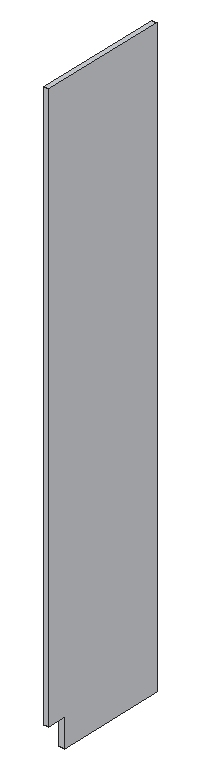
Revit family
Parameters (values of type "Wenger Cabinet Cabinet End Panel")
  Toe Kick Height = 0' - 4"
  Toe Kick Depth = 0' - 2 3/4"
  Panel Thickness = 0' - 0 3/4"
  Panel Color [instance] = none
  Manufacturer = "Wenger Corporation"
  Description = "Cabinet End Panel"
  Content Creator = "David Brown"
  Cabinet Height [instance] = 7' - 1 5/8"
  Cabinet Depth [instance] = 1' - 7 1/4"
  Assembly Code = ""
Reference planes (in)
  plane 1 "Center Front/Back": y = 0
  plane 2: z = 0
  plane 3 "Center Left/Right": x = 0
  plane 4: x = -0.375
  plane 5: x = 0.375
  plane 6: z = 85.625
  plane 7: y = -19.25
Forms (in)
  Extrusion 1, solid
    sketch origin (0, 0, 0) x (0, 1, 0) y (0, 0, 1)
      loop
        line (0, 85.625) -> (-19.25, 85.625) -> (-19.25, 4) -> (-16.5, 4) -> (-16.5, 0) -> (0, 0) -> (0, 85.625)
    from -0.375 to 0.375
Dimensions and locks (in)
  equal spacing: plane 4, plane 3 "Center Left/Right", plane 5
  "Panel Thickness": plane 4 to plane 5
  "Cabinet Height": plane 6 to plane 2
  "Cabinet Depth": plane 1 "Center Front/Back" to plane 7
  "Toe Kick Height": Extrusion 1 sketch curve to plane 2
  "Toe Kick Depth": plane 7 to Extrusion 1 sketch curve
  aligned and locked: Extrusion 1 sketch curve to plane 6
  aligned and locked: Extrusion 1 sketch curve to plane 7
  aligned and locked: plane 1 "Center Front/Back" to Extrusion 1 sketch curve
  aligned and locked: plane 2 to Extrusion 1 sketch curve
  aligned and locked: Extrusion 1 to plane 4
  aligned and locked: plane 5 to Extrusion 1
